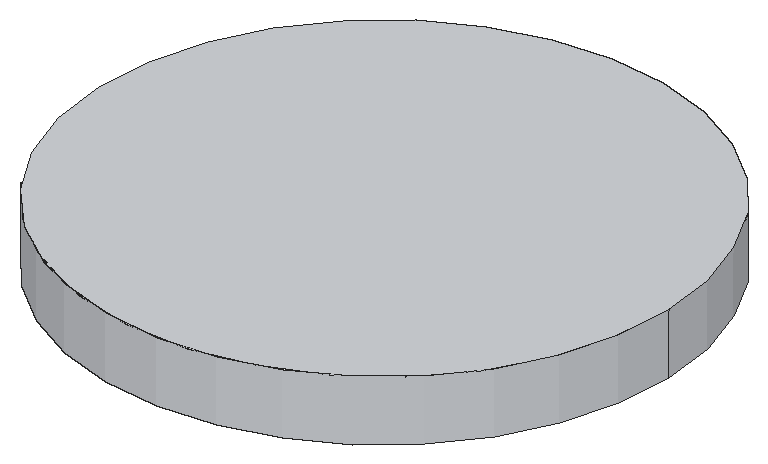
Revit family "Flooring-Systems-Buzon-DPH-F28_WOOD (Light Version)", category Generic Models, host Face, Revit 2015
Parameters (values of type "BUZON_DPHF28_WOOD")
  Youtube clip = ""
  Weight Net (Kg) = "0"
  Uniformat II Description = "Floor Construction"
  Uniformat II Code = "B1010"
  Uniclass 2015 Name = "External floor tiling systems"
  Uniclass 2015 Code = "Ss_30_42_32_30"
  Uniclass 2.0 Description = "Flooring And Decking Systems"
  Uniclass 2.0 Code = "SS-20-20"
  Uniclass 1.4 Description = "Floor units"
  Uniclass 1.4 Code = "L83121"
  UNSPSC Code = "301617"
  Technical description = ""
  Rotate Timber Support = 0.00°
  Region South America = "All"
  Region Oceania = "All"
  Region North America = "All"
  Region Middle East = "All"
  Region Europe = "All"
  Region Asia = "All"
  Region Antarctica = "All"
  Region Africa = "All"
  QR code = "http://bimobject.com/buzon/product/DPH-1"
  Product url = "http://www.buzon-world.com/en_US/products/dph-series.html"
  Product group = "Pedestal"
  Product family = "DPH"
  Product data url = "https://bimobject.com/buzon/product/DPH-1"
  Product certification = ""
  Product SKU = "DPH-1"
  Product Guid = "6ce69785-c204-4173-9675-df04cf31d1b6"
  Pedestal Material = Default_DPH_Material
  OmniClass Description = "Flooring Specialties and Accessories"
  OmniClass Code = "23-15 17 11"
  Nominal width = 0.0 mm
  Nominal height = 0.0 mm
  NBS Reference Description = "Flooring And Decking Systems"
  NBS Reference Code = "20-20"
  Material secondary = "Polypropylene"
  Material main = "Polypropylene"
  Masterformat 2014 Description = ""
  Masterformat 2014 Code = ""
  Manufacturer name = "Buzon"
  Manufacturer country = "Belgium"
  Installation instructions = ""
  IFC Classification = "Building Element"
  Height [instance] = 28.0 mm  # constant formula
  Default Elevation = 1200.0 mm
  Edition number = 1
  EAN code = ""
  Design country = "Belgium"
  Date of publishing = "12/21/2016"
  COBIe Type Category = ""
  Brand url = "http://www.buzon-world.com/en_US/home.html"
  BIMobject category = "Systems"
Reference planes
  plane 1 "Center (Front/Back)": y = 0
  plane 2: z = 0
  plane 3 "Center (Left/Right)": x = 0
  plane 4: x = 1219.2
  plane 5: x = -1219.2
  plane 6: z = 28
Forms (mm)
  Extrusion 1, solid, not visible
    sketch origin (0, 0, 0) x (1, 0, 0) y (0, 1, 0)
      loop
        circle (0, 0) r 100
    from 338.467 to 360
Dimensions and locks
  "Height": plane 6 to host face
  aligned and locked: plane 2 to host face
  aligned and locked: level to host face
Automatic sketch dimensions
  host sketch curve to host sketch curve = 2438.4 mm  (x2)
Nested families
  nested 1: "DPH1" at (0, 0, 0), Material <- "Pedestal Material", type "DPH1"
    with Material Default_DPH_Material
  nested 2: "Buzon_BOIS" at (0, 0, 28), Bois Angle Input <- "Rotate Timber Support", type "Buzon_BOIS"
    with Min Angle Bois 0.00°, Max Angle Bois 90.00°, Material Default_DPH_Material, Bois Angle Input 0.00°, Bois Angle 0.00°, BOIS yes
Definition of nested family "DPH1"
  Parameters (values of type "DPH1")
    Youtube clip = ""
    Weight Net (Kg) = 0
    Uniformat II Description = ""
    Uniformat II Code = ""
    Uniclass 2015 Name = ""
    Uniclass 2015 Code = ""
    Uniclass 2.0 Description = ""
    Uniclass 2.0 Code = ""
    Uniclass 1.4 Description = ""
    Uniclass 1.4 Code = ""
    UNSPSC Code = ""
    Technical description = ""
    Region South America = "All"
    Region Oceania = "All"
    Region North America = "All"
    Region Middle East = "All"
    Region Europe = "All"
    Region Asia = "All"
    Region Antarctica = "All"
    Region Africa = "All"
    QR code = "http://bimobject.com/demo-pl/product/igor_1"
    Product name = "igor_test"
    Product group = ""
    Product family = ""
    Product data url = "https://bimobject.com/demo-pl/product/igor_1"
    Product certification = ""
    Product SKU = "igor_1"
    Product Guid = "4c18444a-81e5-491c-bd44-c98c617819f1"
    OmniClass Description = ""
    OmniClass Code = ""
    Nominal width = 0
    Nominal height = 0
    NBS Reference Description = ""
    NBS Reference Code = ""
    Material [instance] = none
    Masterformat 2014 Description = ""
    Masterformat 2014 Code = ""
    Manufacturer name = "Demo-PL"
    Manufacturer country = ""
    Installation instructions = ""
    IFC Classification = "Furniture"
    Edition number = 1
    EAN code = ""
    Design country = ""
    Date of publishing = ""
    COBIe Type Category = ""
    BIMobject category = ""
  Reference planes
    plane 1 "Center (Front/Back)": y = 0
    plane 2: z = 0
    plane 3 "Center (Left/Right)": x = 0
  Dimensions and locks
    aligned and locked: plane 2 to level
  Imported bodies without a history: 1
Definition of nested family "Buzon_BOIS"
  Parameters (values of type "Buzon_BOIS")
    Min Angle Bois [instance] = 0.00°  # constant formula
    Max Angle Bois [instance] = 90.00°  # constant formula
    Material [instance] = none
    Default Elevation = 1219.2 mm
    Bois Angle Input [instance] = 70.00°
    Bois Angle [instance] = if(Bois Angle Input < Min Angle Bois, Min Angle Bois, if(Max Angle Bois < Bois Angle Input, Max Angle Bois, Bois Angle Input))  # 70.00°
    BOIS [instance] = yes
  Reference planes
    plane 1 "Center (Front/Back)": y = 0
    plane 2: z = 0
    plane 3 "Center (Left/Right)": x = 0
    plane 4: z = 0.83
  Forms (mm)
    Extrusion 1, solid
      sketch origin (0, 0, 0) x (1, 0, 0) y (0, 1, 0)
        loop
          line (-1219.2, 1219.2) -> (-1219.2, -1219.2) -> (1219.2, -1219.2) -> (1219.2, 1219.2) -> (-1219.2, 1219.2)
      from 0 to -304.8
  Dimensions and locks
    "Bois Angle": angle plane 1 "Center (Front/Back)" to nested 1
    aligned and locked: plane 2 to Extrusion 1
    aligned and locked: level to Extrusion 1
  Automatic sketch dimensions
    Extrusion 1 sketch curve to Extrusion 1 sketch curve = 2438.4 mm  (x2)
  Nested families
    nested 1: "BOIS" at (0, 0, -144.195) x (0.9397, -0.342, 0) z (0, 0, 1), Material <- "Material", type "BOIS"
      with Material none
  Definition of nested family "BOIS"
    Parameters (values of type "BOIS")
      Material [instance] = none
    Reference planes
      plane 1 "Center (Front/Back)": y = 0
      plane 2: z = 0
      plane 3 "Center (Left/Right)": x = 0
    Dimensions and locks
      aligned and locked: level to plane 2
    Imported bodies without a history: 2
